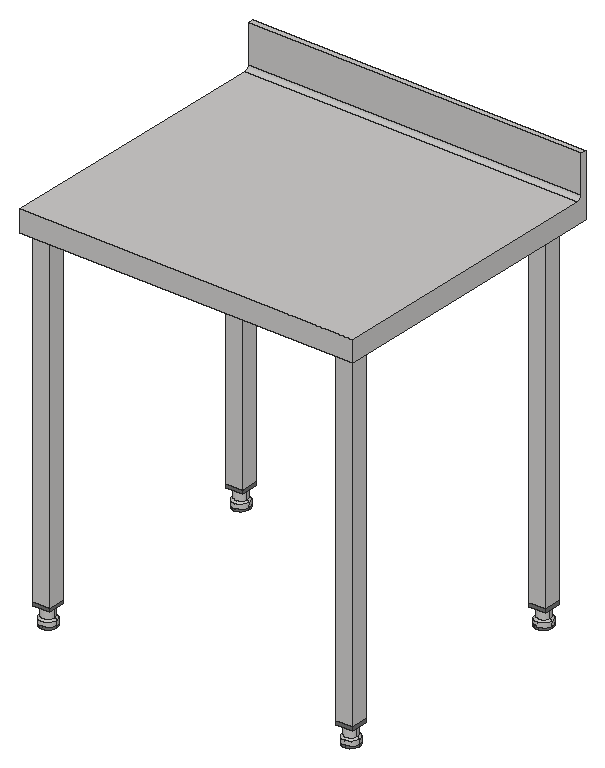
Revit family "QF_ZANUSSI_133230_TG800UN", category Attrezzature speciali, Revit 2020
Family settings
  Quota connettore circolare = Usa diametro
  Tipo di parte = Normale
  Basato su piano di lavoro = No
  Sempre verticale = Sì
  Taglio con vuoti quando caricato = No
  Condiviso = No
  Punto di calcolo locali = No
Parameters (values of type "Standard")
  Weight = 27.00 kg
  Watts = 0 W
  Volts = 0 V
  URL Manufacturer = "http://www.zanussiprofessional.com"
  URL = "http://www.zanussiprofessional.com"
  Steam Supply Size = 0 mm
  Steam Supply Minimum Pressure = 0.0 Pa
  Steam Supply Maximum Pressure = 0.0 Pa
  Steam Consumption per Hour = 0
  Refrigeration Suction Line Size = 0.0 mm
  Refrigeration Liquid Line Size = 0.0 mm
  Refrigerant Compressor Remote = yes
  Prospetto di default = 0.0 mm
  Produttore = "Zanussi"
  Phase = 0
  Modello = "TG800UN"
  Length Actual = 800.0 mm  # constant formula
  Item Number = "133230"
  Hot Water Size = 0 mm
  Height Actual = 1000.0 mm  # constant formula
  HP = "0 HP"
  Gas Size = 0 mm
  Gas KW = 0
  Gas Input Pressure = 0 W
  Direct Waste Size = 0 mm
  Descrizione = "WORK TABLE WITH UPSTAND 800 MM"
  Depth Actual = 700.0 mm  # constant formula
  Cycle = 0 Hz
  Condensate Return Size = 0 mm
  Compressed Air Volume = 0.0 L/s
  Compressed Air Size = 0 mm
  Compressed Air Pressure = 0.0 Pa
  Cold Water Size = 0 mm
  Accessory = yes
Reference planes
  plane 1 "Center (Front/Back)": y = 0
  plane 2: z = 0
  plane 3 "Center (Left/Right)": x = 100
  plane 4 "LEFT": x = -300
  plane 5 "RIGHT": x = 500
  plane 6 "BACK": y = 350
  plane 7 "FRONT": y = -350
  plane 8 "Base": z = 850
  plane 9 "TOP": z = 900
  plane 10: x = -264.5
  plane 11: x = 464.5
  plane 12: y = 269.5
  plane 13: y = -310.5
Forms (mm)
  Extrusion 1, solid, material "QF_Finishes_Stainless Steel"
    sketch origin (100, 0, 0) x (0, 1, 0) y (0, 0, 1)
      loop
        line (-350, 850) -> (350, 850) -> (350, 1000) -> (337, 1000) -> (337, 910)
        arc (337, 910) -> (334.071, 902.929) -> (327, 900) r 10
        line (327, 900) -> (-350, 900) -> (-350, 850)
    from 400 to -400
Lines and regions (mm)
  symbolic lines
    curve 1: line (500, 350, 900) -> (-300, 350, 900)
    curve 2: line (-300, 350, 900) -> (-300, -350, 900)
    curve 3: line (-300, -350, 900) -> (500, -350, 900)
    curve 4: line (500, -350, 900) -> (500, 350, 900)
    curve 5: line (500, 337, 900) -> (-300, 337, 900)
Dimensions and locks
  plane 4 "LEFT" to plane 5 "RIGHT" = 800.0 mm
  equal spacing: plane 4 "LEFT", plane 3 "Center (Left/Right)", plane 5 "RIGHT"
  locked: plane 8 "Base" to level at 850
  plane 4 "LEFT" to plane 10 = 35.5 mm
  plane 11 to plane 5 "RIGHT" = 35.5 mm
  plane 10 to plane 11 = 729.0 mm
  locked: Extrusion 1 to level at 1000
  plane 9 "TOP" to level = 900.0 mm
  plane 6 "BACK" to plane 12 = 80.5 mm
  plane 13 to plane 7 "FRONT" = 39.5 mm
  plane 6 "BACK" to plane 7 "FRONT" = 700.0 mm
  plane 12 to plane 13 = 580.0 mm
  equal spacing: plane 6 "BACK", plane 1 "Center (Front/Back)", plane 7 "FRONT"
  aligned and locked: level to plane 2
  aligned and locked: plane 10 to nested 1
  aligned and locked: nested 1 to plane 13
  aligned and locked: plane 11 to nested 2
  aligned and locked: nested 2 to plane 13
  aligned and locked: plane 11 to nested 4
  aligned and locked: nested 4 to plane 12
  aligned and locked: plane 10 to nested 3
  aligned and locked: nested 3 to plane 12
  aligned and locked: Extrusion 1 to plane 4 "LEFT"
  aligned and locked: plane 5 "RIGHT" to Extrusion 1
  aligned and locked: curve 2 to plane 4 "LEFT"
Automatic sketch dimensions
  Extrusion 1 sketch curve to plane 7 "FRONT" = 0.0 mm
  Extrusion 1 sketch curve to plane 9 "TOP" = 0.0 mm
  Extrusion 1 sketch curve to plane 6 "BACK" = 0.0 mm
  Extrusion 1 sketch curve to plane 8 "Base" = 0.0 mm
  plane 9 "TOP" to Extrusion 1 sketch curve = 10.0 mm
  Extrusion 1 sketch curve to plane 6 "BACK" = 13.0 mm
  Extrusion 1 sketch curve to Extrusion 1 sketch curve = 90.0 mm
  curve 3 to plane 7 "FRONT" = 0.0 mm
  curve 5 to plane 5 "RIGHT" = 0.0 mm
  curve 4 to plane 6 "BACK" = 0.0 mm
  curve 5 to plane 6 "BACK" = 13.0 mm
Nested families
  nested 1: "FEET_40x40_APP42" at (-264.5, -310.5, 0), type "FEET_40x40_APP42"
  nested 2: "FEET_40x40_APP42" at (464.5, -310.5, 0), type "FEET_40x40_APP42"
  nested 3: "FEET_40x40_APP42" at (-264.5, 269.5, 0), type "FEET_40x40_APP42"
  nested 4: "FEET_40x40_APP42" at (464.5, 269.5, 0), type "FEET_40x40_APP42"
Definition of nested family "FEET_40x40_APP42"
  Parameters
    Default Elevation = 0.0 mm
    FEET = 850.0 mm
  Reference planes
    plane 1 "Center (Front/Back)": y = 0
    plane 2: z = 0
    plane 3 "Center (Left/Right)": x = 0
    plane 4: z = 850
  Forms (mm)
    Extrusion 1, solid
      sketch origin (0, 0, 0) x (1, 0, 0) y (0, 1, 0)
        loop
          line (-20, -20) -> (20, -20) -> (20, 20) -> (-20, 20) -> (-20, -20)
      from 50 to 845
    Extrusion 2, solid
      sketch origin (0, 0, 0) x (1, 0, 0) y (0, 1, 0)
        loop
          circle (0, 0) r 20
      from 0 to 5
    Extrusion 3, solid
      sketch origin (0, 0, 0) x (1, 0, 0) y (0, 1, 0)
        loop
          line (30, 30) -> (-30, 30) -> (-30, -30) -> (30, -30) -> (30, 30)
      from 845 to 850
    Extrusion 4, solid
      sketch origin (0, 0, 0) x (1, 0, 0) y (0, 1, 0)
        loop
          line (-20, -20) -> (20, -20) -> (20, 20) -> (-20, 20) -> (-20, -20)
      from 50 to 42
    Revolve 5, solid
      sketch origin (0, 0, 0) x (1, 0, 0) y (0, 0, 1)
        loop
          line (0, 42) -> (-15, 42) -> (-15, 20) -> (-20, 15) -> (-20, 5) -> (0, 5) -> (0, 42)
        axis (0, 42) -> (0, 5)
      angle from 0 to 360
  Lines and regions (mm)
    symbolic lines
      curve 1: line (0, -1.503, 0) -> (0, 1.508, 0)
      curve 2: line (1.561, 0, 0) -> (-1.439, 0, 0)
  Dimensions and locks
    "FEET": plane 4 to plane 2
    aligned and locked: level to plane 2
  Automatic sketch dimensions
    plane 1 "Center (Front/Back)" to curve 2 = 0.0 mm
    curve 1 to plane 3 "Center (Left/Right)" = 0.0 mm
    curve 2 to plane 3 "Center (Left/Right)" = 1.439 mm
    plane 3 "Center (Left/Right)" to curve 2 = 1.561 mm
    plane 1 "Center (Front/Back)" to curve 1 = 1.503 mm
    curve 1 to plane 1 "Center (Front/Back)" = 1.508 mm
    Extrusion 1 sketch curve to plane 3 "Center (Left/Right)" = 20.0 mm
    plane 3 "Center (Left/Right)" to Extrusion 1 sketch curve = 20.0 mm
    plane 1 "Center (Front/Back)" to Extrusion 1 sketch curve = 20.0 mm
    Extrusion 1 sketch curve to plane 1 "Center (Front/Back)" = 20.0 mm
    plane 1 "Center (Front/Back)" to Extrusion 2 sketch curve = 0.0 mm
    Extrusion 2 sketch curve to plane 3 "Center (Left/Right)" = 0.0 mm
    Extrusion 3 sketch curve to plane 3 "Center (Left/Right)" = 30.0 mm
    plane 3 "Center (Left/Right)" to Extrusion 3 sketch curve = 30.0 mm
    plane 1 "Center (Front/Back)" to Extrusion 3 sketch curve = 30.0 mm
    Extrusion 3 sketch curve to plane 1 "Center (Front/Back)" = 30.0 mm
    Extrusion 4 sketch curve to plane 3 "Center (Left/Right)" = 20.0 mm
    plane 3 "Center (Left/Right)" to Extrusion 4 sketch curve = 20.0 mm
    plane 1 "Center (Front/Back)" to Extrusion 4 sketch curve = 20.0 mm
    Extrusion 4 sketch curve to plane 1 "Center (Front/Back)" = 20.0 mm
    Revolve 5 sketch curve to plane 3 "Center (Left/Right)" = 0.0 mm  (x2)
    Revolve 5 sketch curve to plane 3 "Center (Left/Right)" = 15.0 mm
    Revolve 5 sketch curve to Revolve 5 sketch curve = 5.0 mm  (x3)
    level to Revolve 5 sketch curve = 5.0 mm
    Revolve 5 sketch curve to Revolve 5 sketch curve = 10.0 mm
    Revolve 5 sketch curve to Revolve 5 sketch curve = 22.0 mm
    Revolve 5 sketch curve to level = 9.561 mm
    radius of Extrusion 2 sketch curve = 20.0 mm
